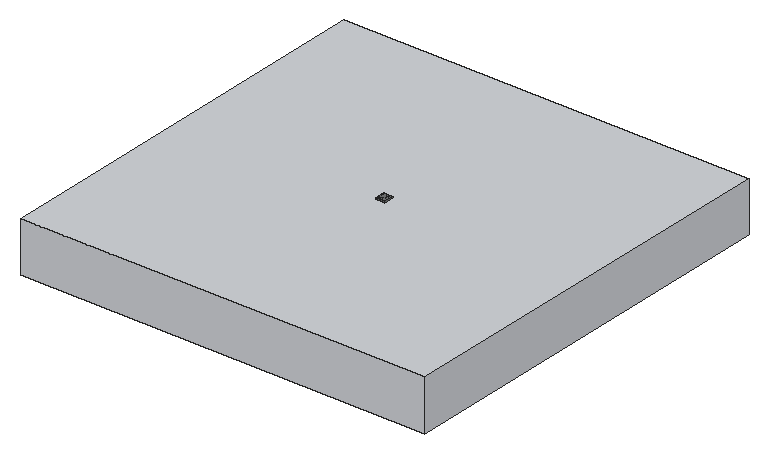
Revit family "Gira_536127", category Elektroinstallationen, Revit 2017
Family settings
  Basisbauteil = Fläche
  Beschriftungsausrichtung beibehalten = Nein
  Bemaßung runder Anschluss = Durchmesser verwenden
  Teiletyp = Normal
  Beim Laden mit Abzugskörper schneiden = Nein
  Gemeinsam genutzt = Nein
  Raumberechnungspunkt = Nein
Parameters (values of type "S3000 Bedienaufs. Pfeilsymbole System 55 Reinweiß m")
  Werkstoffgüte = "sonstige"
  Werkstoff = "sonstige"
  Verfügbar = "Ja"
  URL = "http://katalog.gira.de/de_DE/datenblatt.html?artikelnr=536127"
  Transparent = "Nein"
  Region = "DE"
  RAL-Nummer (ähnlich) = "9010 "
  Oberfläche = "sonstige"
  Name = "S3000 Bedienaufs. Pfeilsymbole System 55 Reinweiß m"
  Mit LED-Anzeige = "Nein"
  Mit Abdeckung = "Ja"
  Kategorie = "Bedienelement intelligent"
  Hersteller = "Gira"
  HeinzeBIM = "https://bimportal.heinze.de/bim/s3000-bedienaufs-pfeilsymbole-system-55-reinweiss-m/8eb6f3db65fcc279424997e5e6d9360ff6418f27"
  Halogenfrei = "Ja"
  HAN = "536127"
  Geeignet für Schalteinsatz = "Nein"
  Geeignet für Jalousieeinsatz = "Ja"
  Geeignet für Dimmeinsatz = "Nein"
  GTIN = "4010337027300"
  Farbe = "weiß"
  Beschreibung = "System 3000 Bedienaufsatz Pfeilsymbole  Reinweiß seidenmatt"
  Bauelement = "Sys55_Abdeckung_Schalten und Tasten"
  Default Elevation = 1219.2 mm
  Ausführung der Oberfläche = "matt"
  Anzahl der Tasten = "1 "
  Anzahl der Betätigungspunkte = "2 "
  Anwendung = "Steuern elektrischer Verbraucher"
  Anthrazit [instance] = Anthrazit
Reference planes
  plane 1 "Center (Front/Back)": y = 0
  plane 2: z = 0
  plane 3 "Center (Left/Right)": x = 0
Forms (mm)
  Extrusion 1, solid
    sketch origin (0, 0, 0) x (1, 0, 0) y (0, 1, 0)
      loop
        line (-1219.2, 1219.2) -> (-1219.2, -1219.2) -> (1219.2, -1219.2) -> (1219.2, 1219.2) -> (-1219.2, 1219.2)
    from 0 to -304.8
  Extrusion 2, solid, material "Anthrazit" <- "Anthrazit", detail levels fine
    sketch origin (0, 0, 0) x (1, 0, 0) y (0, 1, 0)
      loop
        line (-27.5, 27.5) -> (-27.5, -27.5) -> (27.5, -27.5) -> (27.5, 27.5) -> (-27.5, 27.5)
    from 0 to 8
  Extrusion 3, void
    sketch origin (0, 0, 0) x (1, 0, 0) y (0, 1, 0)
      loop
        line (26, 26) -> (-26, 26) -> (-26, -26) -> (26, -26) -> (26, 26)
    from 0 to 6
  Extrusion 4, solid, material "Anthrazit" <- "Anthrazit", detail levels medium
    sketch origin (0, 0, 0) x (1, 0, 0) y (0, 1, 0)
      loop
        line (-27.5, 27.5) -> (-27.5, -27.5) -> (27.5, -27.5) -> (27.5, 27.5) -> (-27.5, 27.5)
    from 0 to 8
  Extrusion 5, solid, material "Anthrazit" <- "Anthrazit", detail levels medium
    sketch origin (0, 0, 0) x (1, 0, 0) y (0, 1, 0)
      loop
        line (11, -17.5) -> (11, 17.5) -> (-11, 17.5) -> (-11, -17.5) -> (11, -17.5)
    from -6 to 6
  Extrusion 6, solid, material "Anthrazit" <- "Anthrazit", detail levels fine
    sketch origin (0, 0, 0) x (1, 0, 0) y (0, 1, 0)
      loop
        line (11, 17.5) -> (-11, 17.5) -> (-11, 16.5) -> (11, 16.5) -> (11, 17.5)
      loop
        line (-11, -16.5) -> (-11, -17.5) -> (11, -17.5) -> (11, -16.5) -> (-11, -16.5)
    from -4 to 6
  Extrusion 7, solid, material "Anthrazit" <- "Anthrazit", detail levels fine
    sketch origin (0, 0, 0) x (1, 0, 0) y (0, 1, 0)
      loop
        arc (5, 9.347) -> (0, 10.6) -> (-5, 9.347) r 10.6
        line (-5, 9.347) -> (-5, -9.347)
        arc (-5, -9.347) -> (0, -10.6) -> (5, -9.347) r 10.6
        line (5, -9.347) -> (5, 9.347)
    from -6 to 6
  Extrusion 8, solid, material "Anthrazit" <- "Anthrazit", detail levels coarse
    sketch origin (0, 0, 0) x (1, 0, 0) y (0, 1, 0)
      loop
        line (-27.5, 27.5) -> (-27.5, -27.5) -> (27.5, -27.5) -> (27.5, 27.5) -> (-27.5, 27.5)
    from -6 to 8
Cuts and joins
  Extrusion 3 cuts Extrusion 2
Dimensions and locks
  aligned and locked: plane 2 to Extrusion 1
  aligned and locked: level to Extrusion 1
